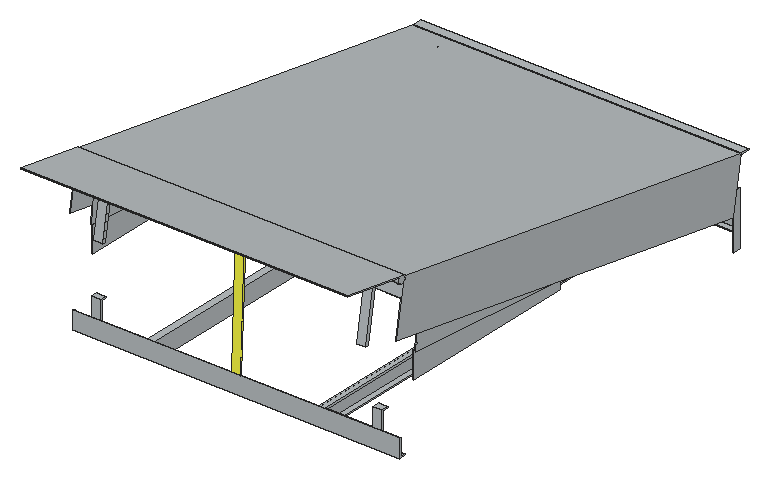
Revit family "DockEquipment_Leveler_Pentalift_MD-MU-MC", category Specialty Equipment, host Face, Revit 2024
Family settings
  Host = Face
  Round Connector Dimension = Use Diameter
  Part Type = Normal
  Enable Cutting in Views = No
  Cut with Voids When Loaded = No
  Maintain Annotation Orientation = No
  Shared = No
  Room Calculation Point = No
Parameters
  XDim [instance] = if(Incline Angle = 0.00°, 0' 0", PF Length - (InclHeight / tan(Incline Angle)))  # 0' - 1.42617"
  Warranty Duration (Years) = 0
  Unit Width = 6' - 0"
  Unit Length = 8' - 0"
  Unit Depth = 1' - 7"
  URL = "http://www.pentalift.com/index.php"
  Test Data = ""
  TapeAngle [instance] = atan(XDim / (Unit Depth - 0' 4" + InclHeight))  # 2.60875°
  Specification = ""
  SpecWizard = ""
  Send Message = "http://www.arcat.com/users.pl?action=UserEmail&company=Pentalift Equipment Corp.&coid=34752&rep=119&fax=519-763-2894&mf="
  Sales Information = "http://www.pentalift.com/about-us.htm"
  Revision = "R1_1_2012"
  Product Properties = ""
  Product Data = "http://www.arcat.com/arcatcos/cos34/arc34752.html"
  TapeLength [instance] = if(TapeAngle = 0.00°, Unit Depth - 0' 6", (XDim / sin(TapeAngle)) - 0' 3")  # 2' - 4.3337"
  PF Length = Unit Length - 0' 2 1/8"  # 7' - 9 7/8"
  Model = "As Specified"
  Max Angle = 10.00°
  Material = Metal - Steel - Pentalift - Painted - Gray
  Manufacturer Website = "http://www.pentalift.com/index.php"
  Manufacturer Phone - Toll Free = ""
  Manufacturer Phone = "519-763-3625"
  Manufacturer Fax = "519-763-2894"
  Manufacturer Address = "21 Nicholas Beaver Rd. Guelph, ON, Canada N1H 6H9 "
  Manufacturer = "Pentalift Equipment Corp."
  Maintenance Schedule (Months) = 0
  Lip Length [instance] = 1' - 4"
  Lip Angle [instance] = 0.00°
  Keynote = "11160"
  Installation-Fabrication = ""
  Installation Phase = ""
  Incline Angle [instance] = 10.00°
  InclHeight [instance] = PF Length * sin(Incline Angle)  # 1' - 4.30122"
  Green Building-LEED = ""
  Expected Lifespan (Years) = 0
  Drawn By = "Sumex Design, Inc. / Robert S. Weygant, CSI, CDT, SCIP"
  Description = "Pentalift Dock Equipment as Specified"
  Default Elevation = 4' - 0"
  Copyright = "©Arcat Inc."
  Construction Details = "http://www.arcat.com/details/pentalif/pentalif.html?coid=34752"
  Capacity (Weight) = 100.00 kip
  Building Codes = ""
  Assembly Code = "E1030300"
Reference planes (in)
  plane 1 "Center (Front/Back)": y = 0
  plane 2: z = 0
  plane 3 "Center (Left/Right)": x = 0
  plane 4: y = 45.875
  plane 5: y = -48
  plane 6: x = -36
  plane 7: x = 36
  plane 8: z = -19
  plane 9: x = -18
  plane 10: x = 18
  plane 11: y = -3
  plane 12: z = -17.5
  plane 13: z = -15
  plane 14: y = 48
Forms (in)
  Extrusion 1, void
    sketch origin (0, 0, 0) x (1, 0, 0) y (0, 1, 0)
      loop
        line (-36, -48) -> (36, -48) -> (36, 48) -> (-36, 48) -> (-36, -48)
    from 0 to -19
  Sweep 2, solid, material "Metal - Steel - Pentalift - Painted - Gray" <- "Material"
    path origin (-15.17702, -180, -19) x (-1, 0, 0) y (0, -1, 0)
      loop
        line (2.82298, -225.875) -> (2.82298, -132)
    profile origin (-18, -1.0625, -19) x (1, 0, 0) y (0, 0, 1)
      loop
        line (0, 0) -> (0, 4) -> (-1.5, 4) -> (-1.5, 3.75) -> (-0.25, 3.75) -> (-0.25, 0.25) -> (-1.5, 0.25) -> (-1.5, 0) -> (0, 0)
  Sweep 3, solid, material "Metal - Steel - Pentalift - Painted - Gray" <- "Material"
    path origin (-15.17702, -180, -19) x (-1, 0, 0) y (0, -1, 0)
      loop
        line (-33.17702, -225.875) -> (-33.17702, -132)
    profile origin (18, -1.0625, -19) x (1, 0, 0) y (0, 0, 1)
      loop
        line (0, 0) -> (1.5, 0) -> (1.5, 0.25) -> (0.25, 0.25) -> (0.25, 3.75) -> (1.5, 3.75) -> (1.5, 4) -> (0, 4) -> (0, 0)
  Sweep 4, solid, material "Metal - Steel - Pentalift - Painted - Gray" <- "Material"
    path origin (-15.17702, -180, -19) x (-1, 0, 0) y (0, -1, 0)
      loop
        line (20.82298, -132) -> (-51.17702, -132)
    profile origin (0, -48, -19) x (0, 1, 0) y (0, 0, 1)
      loop
        line (0, 0) -> (1.5, 0) -> (1.5, 0.25) -> (0.25, 0.25) -> (0.25, 4) -> (0, 4) -> (0, 0)
  Sweep 5, solid, material "Metal - Steel - Pentalift - Painted - Gray" <- "Material"
    path origin (-15.17702, -180, -19) x (-1, 0, 0) y (0, -1, 0)
      loop
        line (20.57298, -225.875) -> (-50.92702, -225.875)
    profile origin (0, 45.875, -19) x (0, 1, 0) y (0, 0, 1)
      loop
        line (0, 4) -> (0, 6) -> (-0.25, 6) -> (-0.25, 4.25) -> (-1.5, 4.25) -> (-1.5, 4) -> (0, 4)
  Sweep 6, solid, material "Metal - Steel - Pentalift - Painted - Gray" <- "Material"
    path origin (-15.17702, -180, -19) x (-1, 0, 0) y (0, -1, 0)
      loop
        line (2.82298, -180) -> (-33.17702, -180)
    profile origin (0, 0, -19) x (0, 1, 0) y (0, 0, 1)
      loop
        line (1.5, 3) -> (-1.5, 3) -> (-1.5, 0) -> (1.5, 0) -> (1.5, 3)
  Sweep 7, solid, material "Metal - Steel - Pentalift - Painted - Gray" <- "Material"
    path origin (-11.83813, 45.875, 48) x (-1, 0, 0) y (0, 0, 1)
      loop
        line (6.16187, -62.75) -> (6.16187, -48.75)
    profile origin (-18, 45.875, -7.75) x (1, 0, 0) y (0, 1, 0)
      loop
        line (-1.25, -0.25) -> (-1.25, -1.5) -> (-1, -1.5) -> (-1, -0.5) -> (1, -0.5) -> (1, -1.5) -> (1.25, -1.5) -> (1.25, -0.25) -> (-1.25, -0.25)
  Sweep 8, solid, material "Metal - Steel - Pentalift - Painted - Gray" <- "Material"
    path origin (24.16187, 45.875, 48) x (-1, 0, 0) y (0, 0, 1)
      loop
        line (6.16187, -62.75) -> (6.16187, -48.75)
    profile origin (18, 45.875, -7.75) x (1, 0, 0) y (0, 1, 0)
      loop
        line (-1.25, -0.25) -> (-1.25, -1.5) -> (-1, -1.5) -> (-1, -0.5) -> (1, -0.5) -> (1, -1.5) -> (1.25, -1.5) -> (1.25, -0.25) -> (-1.25, -0.25)
  Sweep 9, solid, material "Metal - Steel - Pentalift - Painted - Gray" <- "Material"
    path origin (6.16187, 45.875, 48) x (-1, 0, 0) y (0, 0, 1)
      loop
        line (6.16187, -62.75) -> (6.16187, -48.75)
    profile origin (0, 45.875, -7.75) x (1, 0, 0) y (0, 1, 0)
      loop
        line (-1.25, -0.25) -> (-1.25, -1.5) -> (-1, -1.5) -> (-1, -0.5) -> (1, -0.5) -> (1, -1.5) -> (1.25, -1.5) -> (1.25, -0.25) -> (-1.25, -0.25)
  Extrusion 10, solid, material "Metal - Steel - Pentalift - Painted - Gray" <- "Material"
    sketch origin (-15.17702, -180, -19) x (-1, 0, 0) y (0, -1, 0)
      loop
        line (20.57298, -225.875) -> (20.57298, -224.375) -> (20.32298, -224.375) -> (20.32298, -225.875) -> (20.57298, -225.875)
      loop
        line (-50.92702, -225.875) -> (-50.67702, -225.875) -> (-50.67702, -224.375) -> (-50.92702, -224.375) -> (-50.92702, -225.875)
    from 0 to 12
  Extrusion 11, solid, material "Metal - Steel - Pentalift - Painted - Gray" <- "Material"
    sketch origin (0, 0, 0) x (0, 1, 0) y (0, 0, 1)
      loop
        line (-1.5, -19) -> (-1.5, -16.5) -> (-2.12622, -16.5)
        arc (-2.12622, -16.5) -> (-2.60231, -16.56149) -> (-3.04714, -16.74193) r 1.87378
        line (-3.04714, -16.74193) -> (-19.91603, -1.01143) -> (-20.62357, -1.71897) -> (-3.75565, -17.44856)
        arc (-3.75565, -17.44856) -> (-3.93788, -17.89531) -> (-4, -18.37378) r 1.87378
        line (-4, -18.37378) -> (-4, -19) -> (-1.5, -19)
    from -2 to 2
  Extrusion 12, solid, material "Metal - Steel - Pentalift - Painted - Gray" <- "Material"
    sketch origin (0, 0, 0) x (1, 0, 0) y (0, 1, 0)
      loop
        line (-36, 48) -> (-36, 45.875) -> (36, 45.875) -> (36, 48) -> (-36, 48)
    from 0 to -0.25
  Extrusion 13, solid, material "Metal - Steel - Pentalift - Painted - Gray" <- "Material"
    sketch origin (-36, 19.13326, 48) x (0, 1, 0) y (0, 0, 1)
      loop
        line (-66.88326, -66.75) -> (-66.63326, -66.75) -> (-66.63326, -59.25) -> (-65.38326, -59.25) -> (-65.38326, -59) -> (-66.88326, -59) -> (-66.88326, -66.75)
    from 4 to 6
  Extrusion 14, solid, material "Metal - Steel - Pentalift - Painted - Gray" <- "Material"
    sketch origin (36, 19.13326, 48) x (0, 1, 0) y (0, 0, 1)
      loop
        line (-66.88326, -66.75) -> (-66.63326, -66.75) -> (-66.63326, -59.25) -> (-65.38326, -59.25) -> (-65.38326, -59) -> (-66.88326, -59) -> (-66.88326, -66.75)
    from -4 to -6
  Extrusion 15, solid, material "Metal - Steel - Pentalift - Painted - Gray" <- "Material"
    sketch origin (36, -46.57383, 16.30122) x (-1, 0, 0) y (0, -0.173648, -0.984808)
      loop
        line (66, 0.88155) -> (66, 15) -> (64, 15) -> (64, 0.88155) -> (66, 0.88155)
      loop
        line (6, 0.88155) -> (8, 0.88155) -> (8, 15) -> (6, 15) -> (6, 0.88155)
    from 0 to 0.5
  Extrusion 16, solid, material "Metal - Steel - Pentalift - Painted - Yellow"
    sketch origin (0, -48, -15) x (0, 0.045516, 0.998964) y (0, -0.998964, 0.045516)
      loop
        line (0, 0) -> (0, -0.125) -> (28.3337, -0.125) -> (28.3337, 0) -> (0, 0)
    from 1 to -1
Cuts and joins
  joined: Sweep 2, Sweep 3, Sweep 4, Sweep 5, Sweep 6, Sweep 7, Sweep 8, Sweep 9, Extrusion 10
Lines and regions (in)
  reference lines
    curve 1: line (0, 45.875, 0) -> (0, -28.97039, 13.19726)
    curve 2: line (0, -48, -15) -> (0, -46.36144, 20.96269)
Dimensions and locks (in)
  "Unit Depth": level to plane 8
  equal spacing: plane 14, plane 1 "Center (Front/Back)", plane 5
  equal spacing: plane 6, plane 3 "Center (Left/Right)", plane 7
  "Unit Width": plane 6 to plane 7
  equal spacing: plane 6, plane 9, plane 3 "Center (Left/Right)"
  locked: plane 1 "Center (Front/Back)" to plane 11 at 3
  locked: plane 12 to plane 8 at 1.5
  equal spacing: plane 3 "Center (Left/Right)", plane 10, plane 7
  locked: plane 13 to plane 12 at 2.5
  locked: plane 14 to plane 4 at 2.125
  "Unit Length": plane 14 to plane 5
  Extrusion 15 sketch curve to Extrusion 15 sketch curve to plane 6 = 0' - 2" locked, 0' - 6"
  Extrusion 15 sketch curve to Extrusion 15 sketch curve to plane 7 = 0' - 2" locked, 0' - 6" locked
  "TapeLength": Extrusion 16 sketch curve to curve 2
  "Incline Angle": angle level to curve 1
  "TapeAngle": angle plane 5 to curve 2
  aligned and locked: plane 2 to host face
  aligned and locked: level to host face
  aligned and locked: Extrusion 1 to plane 8
Automatic sketch dimensions
  host sketch curve to host sketch curve = 8' - 0"
  host sketch curve to host sketch curve = 9' - 11.43093"
  Sweep 2 sketch curve to plane 5 = 0' - 0"
  Sweep 2 sketch curve to plane 9 = 0' - 0"
  Sweep 2 sketch curve to plane 4 = 0' - 0"
  Sweep 3 sketch curve to plane 5 = 0' - 0"
  Sweep 3 sketch curve to plane 10 = 0' - 0"
  Sweep 3 sketch curve to plane 4 = 0' - 0"
  Sweep 4 sketch curve to plane 5 = 0' - 0"
  Sweep 4 sketch curve to plane 7 = 0' - 0"
  Sweep 4 sketch curve to plane 6 = 0' - 0"
  Sweep 5 sketch curve to plane 4 = 0' - 0"
  Sweep 5 sketch curve to plane 7 = 0' - 0 1/4"
  plane 6 to Sweep 5 sketch curve = 0' - 0 1/4"
  Sweep 6 sketch curve to plane 1 "Center (Front/Back)" = 0' - 0"
  Sweep 6 sketch curve to plane 10 = 0' - 0"
  Sweep 6 sketch curve to plane 9 = 0' - 0"
  Sweep 7 sketch curve to plane 9 = 0' - 0"
  plane 13 to Sweep 7 sketch curve = 0' - 0 1/4"
  Sweep 7 sketch curve to level = 0' - 0 3/4"
  profile plane to Sweep 7 sketch curve = 0' - 1 1/4"
  Sweep 7 sketch curve to Sweep 7 sketch curve = 0' - 0 1/4"  (x2)
  Sweep 7 sketch curve to plane 4 = 0' - 0 1/2"
  Sweep 7 sketch curve to profile plane = 0' - 1"
  Sweep 7 sketch curve to Sweep 7 sketch curve = 0' - 1"  (x2)
  Sweep 7 sketch curve to plane 4 = 0' - 0 1/4"
  Sweep 8 sketch curve to plane 10 = 0' - 0"
  plane 13 to Sweep 8 sketch curve = 0' - 0 1/4"
  Sweep 8 sketch curve to level = 0' - 0 3/4"
  profile plane to Sweep 8 sketch curve = 0' - 1 1/4"
  Sweep 8 sketch curve to Sweep 8 sketch curve = 0' - 0 1/4"  (x2)
  Sweep 8 sketch curve to plane 4 = 0' - 0 1/2"
  Sweep 8 sketch curve to profile plane = 0' - 1"
  Sweep 8 sketch curve to Sweep 8 sketch curve = 0' - 1"  (x2)
  Sweep 8 sketch curve to plane 4 = 0' - 0 1/4"
  Sweep 9 sketch curve to plane 3 "Center (Left/Right)" = 0' - 0"
  plane 13 to Sweep 9 sketch curve = 0' - 0 1/4"
  Sweep 9 sketch curve to level = 0' - 0 3/4"
  profile plane to Sweep 9 sketch curve = 0' - 1 1/4"
  Sweep 9 sketch curve to Sweep 9 sketch curve = 0' - 0 1/4"  (x2)
  Sweep 9 sketch curve to plane 4 = 0' - 0 1/2"
  Sweep 9 sketch curve to profile plane = 0' - 1"
  Sweep 9 sketch curve to Sweep 9 sketch curve = 0' - 1"  (x2)
  Sweep 9 sketch curve to plane 4 = 0' - 0 1/4"
  Extrusion 10 sketch curve to plane 4 = 0' - 0"  (x2)
  Extrusion 10 sketch curve to plane 7 = 0' - 0 1/4"
  Extrusion 10 sketch curve to Extrusion 10 sketch curve = 0' - 0 1/4"
  plane 6 to Extrusion 10 sketch curve = 0' - 0 1/2"
  plane 6 to Extrusion 10 sketch curve = 0' - 0 1/4"
  Extrusion 10 sketch curve to plane 4 = 0' - 1 1/2"  (x2)
  Extrusion 1 sketch curve to plane 5 = 0' - 0"
  Extrusion 1 sketch curve to plane 6 = 0' - 0"
  Extrusion 1 sketch curve to plane 7 = 0' - 0"
  Extrusion 1 sketch curve to plane 14 = 0' - 0"
  Extrusion 12 sketch curve to plane 4 = 0' - 0"
  Extrusion 12 sketch curve to plane 6 = 0' - 0"
  Extrusion 12 sketch curve to plane 7 = 0' - 0"
  Extrusion 12 sketch curve to plane 14 = 0' - 0"
  Sweep 2 sketch curve to plane 8 = 0' - 0"
  Sweep 2 sketch curve to profile plane = 0' - 0"
  profile plane to Sweep 2 sketch curve = 0' - 0 1/4"
  plane 8 to Sweep 2 sketch curve = 0' - 0 1/4"
  Sweep 2 sketch curve to Sweep 2 sketch curve = 0' - 1 1/4"  (x2)
  Sweep 2 sketch curve to Sweep 2 sketch curve = 0' - 3 1/2"
  Sweep 2 sketch curve to Sweep 2 sketch curve = 0' - 0 1/4"
  Sweep 3 sketch curve to profile plane = 0' - 0"
  Sweep 3 sketch curve to plane 8 = 0' - 0"
  Sweep 3 sketch curve to profile plane = 0' - 0 1/4"
  Sweep 3 sketch curve to Sweep 3 sketch curve = 0' - 1 1/4"  (x2)
  Sweep 3 sketch curve to Sweep 3 sketch curve = 0' - 0 1/4"  (x2)
  Sweep 3 sketch curve to Sweep 3 sketch curve = 0' - 3 1/2"
  Sweep 4 sketch curve to profile plane = 0' - 0"
  Sweep 4 sketch curve to plane 8 = 0' - 0"
  Sweep 4 sketch curve to Sweep 4 sketch curve = 0' - 0 1/4"
  Sweep 4 sketch curve to Sweep 4 sketch curve = 0' - 1 1/4"
  plane 8 to Sweep 4 sketch curve = 0' - 0 1/4"
  Sweep 4 sketch curve to Sweep 4 sketch curve = 0' - 3 3/4"
  Sweep 5 sketch curve to profile plane = 0' - 0"
  Sweep 5 sketch curve to Sweep 5 sketch curve = 0' - 0 1/4"  (x2)
  Sweep 5 sketch curve to Sweep 5 sketch curve = 0' - 1 1/4"
  plane 8 to Sweep 5 sketch curve = 0' - 4"
  Sweep 5 sketch curve to Sweep 5 sketch curve = 0' - 1 3/4"
  Sweep 6 sketch curve to plane 8 = 0' - 0"
  profile plane to Sweep 6 sketch curve = 0' - 1 1/2"
  Sweep 6 sketch curve to profile plane = 0' - 1 1/2"
  plane 8 to Sweep 6 sketch curve = 0' - 3"
  Extrusion 11 sketch curve to Extrusion 11 sketch curve = 0' - 0"  (x2)
  Extrusion 11 sketch curve to plane 8 = 0' - 0"
  Extrusion 11 sketch curve to level = 0' - 1.71897"
  plane 11 to Extrusion 11 sketch curve = 1' - 5.62357"
  Extrusion 11 sketch curve to level = 0' - 1.01143"
  Extrusion 11 sketch curve to Extrusion 11 sketch curve = 0' - 0.70754"
  plane 11 to Extrusion 11 sketch curve = 0' - 1"
  plane 12 to Extrusion 11 sketch curve = 0' - 0.05144"
  plane 11 to Extrusion 11 sketch curve = 0' - 0.75565"
  plane 11 to Extrusion 11 sketch curve = 0' - 0.04714"
  plane 8 to Extrusion 11 sketch curve = 0' - 0.62622"
  Extrusion 11 sketch curve to Extrusion 11 sketch curve = 0' - 0.62622"
  plane 12 to Extrusion 11 sketch curve = 0' - 0.75807"
  plane 5 to Extrusion 13 sketch curve = 0' - 0 1/4"
  Extrusion 13 sketch curve to Extrusion 13 sketch curve = 0' - 0 1/4"  (x2)
  Extrusion 13 sketch curve to Extrusion 13 sketch curve = 0' - 1 1/4"
  plane 8 to Extrusion 13 sketch curve = 0' - 0 1/4"
  plane 13 to Extrusion 13 sketch curve = 0' - 3 3/4"
  plane 5 to Extrusion 14 sketch curve = 0' - 0 1/4"
  Extrusion 14 sketch curve to Extrusion 14 sketch curve = 0' - 0 1/4"  (x2)
  Extrusion 14 sketch curve to Extrusion 14 sketch curve = 0' - 1 1/4"
  plane 8 to Extrusion 14 sketch curve = 0' - 0 1/4"
  plane 13 to Extrusion 14 sketch curve = 0' - 3 3/4"
  nested 1 to Extrusion 15 sketch curve = 0' - 3"  (x2)
  Extrusion 15 sketch curve to nested 1 = 0' - 0.88155"  (x2)
  curve 2 to plane 5 = 0' - 0"
  curve 1 to level = 0' - 0"
  curve 1 to plane 4 = 0' - 0"
  curve 2 to plane 13 = 0' - 0"
  Extrusion 16 sketch curve to curve 2 = 0' - 0"  (x2)
  Extrusion 16 sketch curve to curve 2 = 0' - 0 1/8"
Nested families (in)
  nested 1: "Platform_HD" at (0, -0.34941, 8.15061) x (1, 0, 0) z (0, 0.1736, 0.9848), Material <- "Material", Unit Width <- "Unit Width", Unit Length <- "PF Length", Lip Length <- "Lip Length", Lip Angle <- "Lip Angle", Flap Angle <- "Incline Angle", Max Angle <- "Max Angle", type "Platform_HD"
    with offset 0' - 0", ll 1' - 3 1/4", Unit Width 6' - 0", Unit Length 7' - 9 7/8", Roll Off Edge no, Max Angle 10.00°, Material Metal - Steel - Pentalift - Painted - Gray, MA/2 5.00°, Lip Length 1' - 4", Lip Angle 0.00°, FlapLength 3' - 4 15/16", Flap Angle 10.00°, FA/2 5.00°, EdgeExt 0' - 0 3/4"
Definition of nested family "Platform_HD"
  Parameters
    offset [instance] = 0' - 0"
    ll [instance] = Lip Length - 0' 0 3/4"  # 1' - 3 1/4"
    Warranty Duration (Years) = 0
    Unit Width [instance] = 6' - 0"
    Unit Length [instance] = 10' - 0"
    Unit Depth = 1' - 0"
    URL = "http://www.pentalift.com/index.php"
    Specification = ""
    SpecWizard = ""
    Send Message = "http://www.arcat.com/users.pl?action=UserEmail&company=Pentalift Equipment Corp.&coid=34752&rep=119&fax=519-763-2894&mf="
    Sales Information = "http://www.pentalift.com/about-us.htm"
    Roll Off Edge [instance] = no
    Revision = "R1_01-2012"
    Product Properties = ""
    Product Data = "http://www.arcat.com/arcatcos/cos34/arc34752.html"
    Model = "As Specified"
    Max Angle [instance] = 15.00°
    Material [instance] = none
    Manufacturer Website = "http://www.pentalift.com/index.php"
    Manufacturer Phone - Toll Free = ""
    Manufacturer Phone = "519-763-3625 "
    Manufacturer Fax = "519-763-2894"
    Manufacturer Address = "21 Nicholas Beaver Rd. Guelph, ON, Canada N1H 6H9 "
    Manufacturer = "Pentalift Equipment Corp."
    Maintenance Schedule (Months) = 0
    MA/2 [instance] = Max Angle / 2  # 7.50°
    Lip Length [instance] = 1' - 4"
    Lip Angle [instance] = 15.00°
    Keynote = "11160"
    Installation-Fabrication = ""
    Installation Phase = ""
    Green Building-LEED = ""
    FlapLength [instance] = (Unit Length / 2) - 0' 6"  # 4' - 6"
    Flap Angle [instance] = 10.00°
    FA/2 [instance] = Flap Angle / 2  # 5.00°
    Expected Lifespan (Years) = 0
    EdgeExt [instance] = if(Roll Off Edge, 0' 8 1/2", 0' 0 3/4")  # 0' - 0 3/4"
    Drawn By = "Sumex Design, Inc. / Robert S. Weygant, CSI, CDT, SCIP"
    Description = "Pentalift Dock Equipment as Specified"
    Default Elevation = 4' - 0"
    Copyright = "©Arcat Inc."
    Construction Details = "http://www.arcat.com/details/pentalif/pentalif.html?coid=34752"
    Assembly Code = "E1030300"
  Reference planes (in)
    plane 1 "Center (Front/Back)": y = 0
    plane 2 "Bottom": z = 0
    plane 3 "Center (Left/Right)": x = 0
    plane 4 "Front": y = -60
    plane 5 "Back": y = 60
    plane 6 "Left": x = -36
    plane 7 "Right": x = 36
    plane 8 "Top": z = -12
    plane 9: y = -60.75
    plane 10: z = -0.5
    plane 11: x = -28
    plane 12: x = -20
    plane 13: x = -12
    plane 14: x = -4
    plane 15: x = 4
    plane 16: x = 12
    plane 17: x = 20
    plane 18: x = 28
  Forms (in)
    Extrusion 1, solid, material <- "Material"
      sketch origin (0, 0, 0) x (1, 0, 0) y (0, 1, 0)
        loop
          line (-36, 60) -> (-36, -60) -> (36, -60) -> (36, 60) -> (-36, 60)
      from 0 to -0.25
    Extrusion 2, solid, material <- "Material"
      sketch origin (-11.94222, -60, 48) x (-1, 0, 0) y (0, 0, 1)
        loop
          line (24.05778, -48) -> (-47.94222, -48) -> (-47.94222, -52) -> (24.05778, -52) -> (24.05778, -48)
      from 0 to 0.25
    Extrusion 3, solid, material <- "Material"
      sketch origin (-11.94222, 60, 48) x (-1, 0, 0) y (0, 0, 1)
        loop
          line (24.05778, -48) -> (-47.94222, -48) -> (-47.94222, -52) -> (24.05778, -52) -> (24.05778, -48)
      from 0 to -0.25
    Extrusion 4, solid, material <- "Material"
      sketch origin (-36, 16.34522, 48) x (0, 1, 0) y (0, 0, 1)
        loop
          line (43.65478, -48) -> (-76.34522, -48) -> (-76.34522, -60) -> (43.65478, -60) -> (43.65478, -48)
      from 0 to 0.25
    Extrusion 5, solid, material <- "Material"
      sketch origin (36, 16.34522, 48) x (0, 1, 0) y (0, 0, 1)
        loop
          line (43.65478, -48) -> (-76.34522, -48) -> (-76.34522, -60) -> (43.65478, -60) -> (43.65478, -48)
      from 0 to -0.25
    Extrusion 6, solid, material <- "Material"
      sketch origin (0, -60.75, -0.5) x (0, -0.965926, -0.258819) y (0, 0.258819, -0.965926)
        loop
          line (-0.75, -0.75) -> (15.25, -0.75) -> (15.25, -0.5) -> (0.55902, -0.5)
          arc (0.55902, -0.5) -> (0, 0.75) -> (-0.55902, -0.5) r 0.75
          line (-0.55902, -0.5) -> (-0.75, -0.5) -> (-0.75, -0.75)
      from -36 to 36
    Extrusion 7, solid, material <- "Material"
      sketch origin (-11.94222, -60, 48) x (-1, 0, 0) y (0, 0, 1)
        loop
          line (16.80778, -48.25) -> (15.30778, -48.25) -> (15.30778, -51.75) -> (16.80778, -51.75) -> (16.80778, -48.25)
        loop
          line (8.80778, -48.25) -> (7.30778, -48.25) -> (7.30778, -51.75) -> (8.80778, -51.75) -> (8.80778, -48.25)
        loop
          line (0.80778, -48.25) -> (-0.69222, -48.25) -> (-0.69222, -51.75) -> (0.80778, -51.75) -> (0.80778, -48.25)
        loop
          line (-7.19222, -48.25) -> (-8.69222, -48.25) -> (-8.69222, -51.75) -> (-7.19222, -51.75) -> (-7.19222, -48.25)
        loop
          line (-15.19222, -48.25) -> (-16.69222, -48.25) -> (-16.69222, -51.75) -> (-15.19222, -51.75) -> (-15.19222, -48.25)
        loop
          line (-23.19222, -48.25) -> (-24.69222, -48.25) -> (-24.69222, -51.75) -> (-23.19222, -51.75) -> (-23.19222, -48.25)
        loop
          line (-31.19222, -48.25) -> (-32.69222, -48.25) -> (-32.69222, -51.75) -> (-31.19222, -51.75) -> (-31.19222, -48.25)
        loop
          line (-39.19222, -48.25) -> (-40.69222, -48.25) -> (-40.69222, -51.75) -> (-39.19222, -51.75) -> (-39.19222, -48.25)
        loop
          line (-11.81722, -48.25) -> (-12.06722, -48.25) -> (-12.06722, -50.5) -> (-11.81722, -50.5) -> (-11.81722, -48.25)
      from 0 to 120
    Extrusion 8, solid, material <- "Material"
      sketch origin (0, 0, -12) x (0, -0.984808, -0.173648) y (0, 0.173648, -0.984808)
        loop
          line (0.72794, 2) -> (0.72794, -0.22427) -> (54, -7.23767) -> (54, 2) -> (0.72794, 2)
      from -35.25 to -35.5
    Extrusion 9, solid, material <- "Material"
      sketch origin (0, 0, -12) x (0, -0.984808, -0.173648) y (0, 0.173648, -0.984808)
        loop
          line (0.72794, 2) -> (0.72794, -0.22427) -> (54, -7.23767) -> (54, 2) -> (0.72794, 2)
      from 35.5 to 35.25
    Extrusion 10, solid, material <- "Material"
      sketch origin (0, 0, -12) x (0, -0.996195, -0.087156) y (0, 0.087156, -0.996195)
        loop
          line (0.72794, 0) -> (0.72794, -2.3933) -> (54, -7.05401) -> (54, 0) -> (0.72794, 0)
      from -35.75 to -35.5
    Extrusion 11, solid, material <- "Material"
      sketch origin (0, 0, -12) x (0, -0.996195, -0.087156) y (0, 0.087156, -0.996195)
        loop
          line (54, 0) -> (0.72794, 0) -> (0.72794, -2.3933) -> (54, -7.05401) -> (54, 0)
      from 35.5 to 35.75
  Cuts and joins
    joined: Extrusion 1, Extrusion 2, Extrusion 3, Extrusion 4, Extrusion 5, Extrusion 7
  Lines and regions (in)
    reference lines
      curve 1: line (0, -60.75, -0.5) -> (0, -85.86407, -7.2293)
      curve 2: line (0, 0, -12) -> (0, -57.85746, -22.20183)
      curve 3: line (0, -60.75, -0.5) -> (0, -61.33234, 1.67333)
      curve 4: line (0, 0, -12) -> (0, -61.76407, -17.40366)
  Dimensions and locks (in)
    equal spacing: plane 6 "Left", plane 3 "Center (Left/Right)", plane 7 "Right"
    "Unit Width": plane 6 "Left" to plane 7 "Right"
    equal spacing: plane 5 "Back", plane 1 "Center (Front/Back)", plane 4 "Front"
    "Unit Length": plane 5 "Back" to plane 4 "Front"
    "Unit Depth": level to plane 8 "Top"
    locked: plane 4 "Front" to plane 9 at 0.75
    locked: level to plane 10 at 0.5
    equal spacing: plane 6 "Left", plane 11, plane 12, plane 13, plane 14, plane 15, plane 16, plane 17, plane 18, plane 7 "Right"
    "FlapLength": Extrusion 8 sketch curve to curve 2
    locked: plane 6 "Left" to Extrusion 8 at 0.75
    locked: plane 6 "Left" to Extrusion 8 at 0.5
    "FlapLength": Extrusion 9 sketch curve to curve 2
    locked: Extrusion 9 to plane 7 "Right" at 0.75
    locked: Extrusion 9 to plane 7 "Right" at 0.5
    locked: level to curve 1 at 0.5
    "ll": Extrusion 6 sketch curve to curve 3
    "EdgeExt": curve 3 to Extrusion 6 sketch curve
    "FlapLength": Extrusion 10 sketch curve to curve 4
    plane 6 "Left" to Extrusion 10 to Extrusion 10 = 0' - 0 1/4" locked, 0' - 0 1/4" locked
    "FlapLength": Extrusion 11 sketch curve to curve 4
    Extrusion 11 to Extrusion 11 to plane 7 "Right" = 0' - 0 1/4" locked, 0' - 0 1/4" locked
    locked: curve 2 to Extrusion 8 sketch curve at 0.22427
    locked: curve 2 to Extrusion 9 sketch curve at 0.22427
    "Lip Angle": angle curve 1 to plane 10
    "Flap Angle": angle curve 2 to plane 8 "Top"
    "MA/2": angle curve 2 to Extrusion 8 sketch curve
    "MA/2": angle curve 2 to Extrusion 9 sketch curve
    "FA/2": angle curve 4 to plane 8 "Top"
    "FA/2": angle curve 4 to Extrusion 10 sketch curve
    "FA/2": angle curve 4 to Extrusion 11 sketch curve
    aligned and locked: Extrusion 6 to plane 6 "Left"
    aligned and locked: Extrusion 6 to plane 7 "Right"
    aligned and locked: plane 5 "Back" to Extrusion 7
  Automatic sketch dimensions
    Extrusion 1 sketch curve to plane 4 "Front" = 0' - 0"
    Extrusion 1 sketch curve to plane 6 "Left" = 0' - 0"
    Extrusion 1 sketch curve to plane 7 "Right" = 0' - 0"
    Extrusion 1 sketch curve to plane 5 "Back" = 0' - 0"
    Extrusion 2 sketch curve to level = 0' - 0"
    Extrusion 2 sketch curve to plane 7 "Right" = 0' - 0"
    Extrusion 2 sketch curve to plane 6 "Left" = 0' - 0"
    Extrusion 2 sketch curve to level = 0' - 4"
    Extrusion 3 sketch curve to level = 0' - 0"
    Extrusion 3 sketch curve to plane 7 "Right" = 0' - 0"
    Extrusion 3 sketch curve to plane 6 "Left" = 0' - 0"
    Extrusion 3 sketch curve to level = 0' - 4"
    Extrusion 4 sketch curve to level = 0' - 0"
    Extrusion 4 sketch curve to plane 4 "Front" = 0' - 0"
    Extrusion 4 sketch curve to plane 5 "Back" = 0' - 0"
    Extrusion 4 sketch curve to plane 8 "Top" = 0' - 0"
    Extrusion 5 sketch curve to level = 0' - 0"
    Extrusion 5 sketch curve to plane 4 "Front" = 0' - 0"
    Extrusion 5 sketch curve to plane 5 "Back" = 0' - 0"
    Extrusion 5 sketch curve to plane 8 "Top" = 0' - 0"
    Extrusion 7 sketch curve to level = 0' - 0 1/4"  (x9)
    plane 18 to Extrusion 7 sketch curve = 0' - 0 3/4"
    Extrusion 7 sketch curve to plane 18 = 0' - 0 3/4"
    plane 17 to Extrusion 7 sketch curve = 0' - 0 3/4"
    Extrusion 7 sketch curve to plane 17 = 0' - 0 3/4"
    plane 16 to Extrusion 7 sketch curve = 0' - 0 3/4"
    Extrusion 7 sketch curve to plane 16 = 0' - 0 3/4"
    plane 15 to Extrusion 7 sketch curve = 0' - 0 3/4"
    Extrusion 7 sketch curve to plane 15 = 0' - 0 3/4"
    plane 3 "Center (Left/Right)" to Extrusion 7 sketch curve = 0' - 0 1/8"
    Extrusion 7 sketch curve to plane 3 "Center (Left/Right)" = 0' - 0 1/8"
    plane 14 to Extrusion 7 sketch curve = 0' - 0 3/4"
    Extrusion 7 sketch curve to plane 14 = 0' - 0 3/4"
    plane 13 to Extrusion 7 sketch curve = 0' - 0 3/4"
    Extrusion 7 sketch curve to plane 13 = 0' - 0 3/4"
    plane 12 to Extrusion 7 sketch curve = 0' - 0 3/4"
    Extrusion 7 sketch curve to plane 12 = 0' - 0 3/4"
    plane 11 to Extrusion 7 sketch curve = 0' - 0 3/4"
    Extrusion 7 sketch curve to plane 11 = 0' - 0 3/4"
    Extrusion 7 sketch curve to plane 10 = 0' - 2"
    Extrusion 7 sketch curve to plane 10 = 0' - 3 1/4"  (x8)
    curve 3 to curve 1 = 0' - 0"  (x2)
    curve 3 to curve 1 = 0' - 2 1/4"
    Extrusion 6 sketch curve to curve 1 = 0' - 0"  (x2)
    curve 1 to Extrusion 6 sketch curve = 0' - 0 1/2"
    curve 1 to Extrusion 6 sketch curve = 0' - 0 3/4"
    Extrusion 6 sketch curve to Extrusion 6 sketch curve = 0' - 0 1/4"
    Extrusion 6 sketch curve to Extrusion 6 sketch curve = 0' - 0"
    curve 1 to plane 9 = 0' - 0"
    curve 4 to plane 1 "Center (Front/Back)" = 0' - 0"
    curve 2 to plane 8 "Top" = 0' - 0"
    Extrusion 10 sketch curve to curve 4 = 0' - 0"
    curve 4 to Extrusion 10 sketch curve = 0' - 0.72794"
    Extrusion 10 sketch curve to curve 4 = 0' - 2.3933"
    curve 2 to Extrusion 8 sketch curve = 0' - 0.72794"
    curve 2 to Extrusion 8 sketch curve = 0' - 2"
    curve 2 to Extrusion 9 sketch curve = 0' - 0.72794"
    curve 2 to Extrusion 9 sketch curve = 0' - 2"
    Extrusion 11 sketch curve to curve 4 = 0' - 0"
    curve 4 to Extrusion 11 sketch curve = 0' - 0.72794"
    Extrusion 11 sketch curve to curve 4 = 0' - 2.3933"
    radius of Extrusion 6 sketch curve = 0' - 0 3/4"
